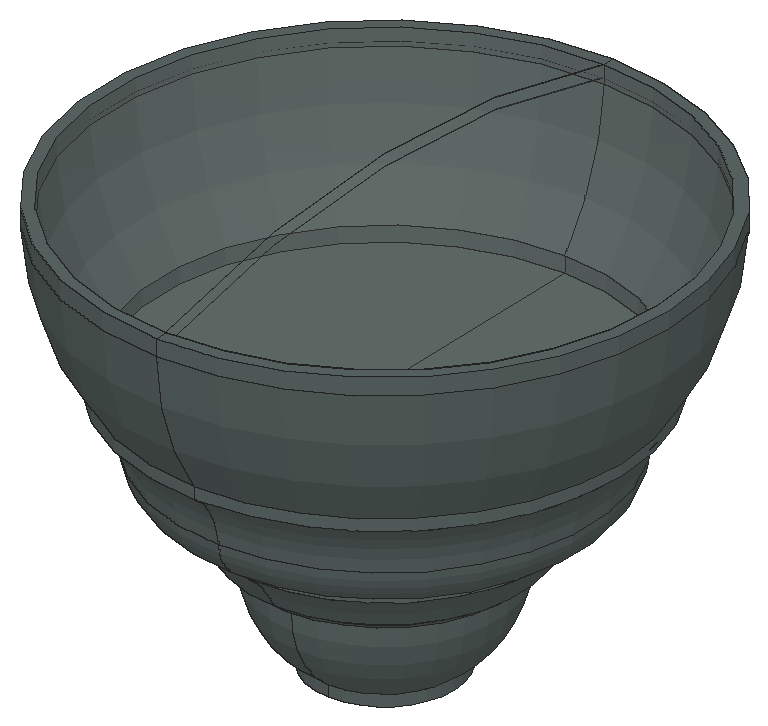
Revit family "PRM2", category Lighting Fixtures, host Face, Revit 2012
Parameters (values of type "PRM2 - MTB")
  Wattage Comments = "150-400W"  # constant formula
  Watt = 295 W
  Voltage [instance] = 120 V
  Is Volt [instance] = Voltage : 120V
  URL = "http://www.aal.net/"
  Photometric Web [instance] = Web PRM2 : PRM2-V3-250MH
  Horizontal Lamp [instance] = not(Vertical Lamp)  # no
  Product Page URL = "http://www.aal.net/products/promenade8482_prm2/"
  Product Documentation Link = "http://cdn.aal.net/content/products/specs/specs_files/aal_prm2_spec.pdf"
  Model = "PRM2"  # constant formula
  Manufacturer Phone = "(626)-968-5666"  # constant formula
  Manufacturer Fax = "(626)-369-2695"  # constant formula
  Manufacturer = "Architectural Area Lighting"  # constant formula
  Load Classification = Lighting
  Lamp = "ED-18, ED-23.5 & ED-28"  # constant formula
  Vertical Lamp [instance] = yes
  Glass = Hubbell-Glass-Frosted
  Finish = Hubbell-Aluminum-Matte Black
  Description = "PROMENADE – PRM2"  # constant formula
  Default Elevation = 48.000"
  Apparent Load = 0 VA
Types (14): name | Photometric Web | Horizontal Lamp | Vertical Lamp | Finish
  (no name) | Web PRM2 : PRM2-V3-250MH | no | yes | Hubbell-Aluminum-Matte Black
  PRM2 - AWT | Web PRM2 : PRM2-H2-250W | no | yes | Hubbell-Aluminum-Artic White
  PRM2 - BLK | Web PRM2 : PRM2-H2-250W | no | yes | Hubbell-Aluminum-Black
  PRM2 - MTB | Web PRM2 : PRM2-V3-250MH | no | yes | Hubbell-Aluminum-Matte Black
  PRM2 - DGN | Web PRM2 : PRM2-H2-250W | no | yes | Hubbell-Aluminum-Dark Green
  PRM2 - DBZ | Web PRM2 : PRM2-H2-250W | yes | no | Hubbell-Aluminum-Dark Bronze
  PRM2 - WRZ | Web PRM2 : PRM2-H2-250W | no | yes | Hubbell-Aluminum-Weathered Bronze
  PRM2 - BRM | Web PRM2 : PRM2-H2-250W | no | yes | Hubbell-Aluminum-Metalic Bronze
  PRM2 - VBL | Web PRM2 : PRM2-H2-250W | no | yes | Hubbell-Aluminum-Verde Blue
  PRM2 - CRT | Web PRM2 : PRM2-H2-250W | no | yes | Hubbell-Aluminum-Corten
  PRM2 - MAL | Web PRM2 : PRM2-V5-250MH | yes | no | Hubbell-Aluminum-Matte
  PRM2 - MDG | Web PRM2 : PRM2-H2-250W | no | yes | Hubbell-Aluminum-Medium Grey
  PRM2 - ATG | Web PRM2 : PRM2-H4-250MH | no | yes | Hubbell-Aluminum-Antique Green
  PRM2 - LGY | Web PRM2 : PRM2-H2-250W | no | yes | Hubbell-Aluminum-Light Grey
Reference planes (in)
  plane 1 "Center (Front/Back)": y = 0
  plane 2: z = 0
  plane 3 "Center (Left/Right)": x = 0
  plane 4: z = 20
  plane 5: y = 12.5
  plane 6: y = -12.5
  plane 7: z = 12
Forms (in)
  Revolve 1, solid, material "Hubbell-Aluminum-Matte Black" <- "Finish"
    sketch origin (0, 0, 0) x (0, 1, 0) y (0, 0, 1)
      loop
        line (0, 0) -> (3.06287, 0) -> (3.06287, 0.5)
        arc (3.06287, 0.5) -> (4.57482, 2.15262) -> (5.09943, 4.33021) r 4.48669
        arc (5.09943, 4.33021) -> (5.39903, 4.41441) -> (5.62175, 4.63177) r 0.62988
        line (5.62175, 4.63177) -> (5.62175, 4.88177) -> (6.02826, 4.88177)
        arc (6.02826, 4.88177) -> (6.61659, 5.77829) -> (7.39733, 6.51337) r 4.57812
        line (7.39733, 6.51337) -> (7.39733, 6.91288) -> (7.80531, 6.91288)
        arc (7.80531, 6.91288) -> (8.71851, 7.58594) -> (9.11379, 8.64929) r 1.98445
        arc (9.11379, 8.64929) -> (9.49346, 9.95803) -> (10.38689, 10.98698) r 3.17427
        line (10.38689, 10.98698) -> (10.38689, 11.48698)
        arc (10.38689, 11.48698) -> (11.89338, 14.33969) -> (12.5, 17.50822) r 10.91294
        line (12.5, 17.50822) -> (12.5, 18.23698) -> (11.99911, 18.23698) -> (11.99911, 17.49779)
        arc (11.99911, 17.49779) -> (11.38918, 14.41425) -> (9.88689, 11.65321) r 10.41294
        line (9.88689, 11.65321) -> (9.88689, 10.98698) -> (0, 10.98698) -> (0, 0)
      axis (0, 18.23698) -> (0, 0)
    angle from 0 to 360
  Revolve 2, solid, material "Hubbell-Glass-Frosted" <- "Glass", visible <- "Horizontal Lamp"
    sketch origin (0, 0, 0) x (0, 1, 0) y (0, 0, 1)
      loop
        line (12, 18.05042) -> (0, 18.05042) -> (0, 17.50822) -> (12, 17.50822) -> (12, 18.05042)
      axis (0, 18.05042) -> (0, 17.50822)
    angle from 0 to 360
  Revolve 3, solid, material "Hubbell-Glass-Frosted" <- "Glass", visible <- "Vertical Lamp"
    sketch origin (0, 0, 0) x (0, 1, 0) y (0, 0, 1)
      loop
        arc (12, 18.23671) -> (6.06443, 19.55682) -> (0, 20) r 41.71443
        line (0, 20) -> (0, 19.5)
        arc (0, 19.5) -> (6.06606, 19.05115) -> (12, 17.71436) r 41.21443
        line (12, 17.71436) -> (12, 18.23671)
      axis (0, 20) -> (0, 17.71436)
    angle from 0 to 360
Dimensions and locks (in)
  locked: plane 4 to plane 2 at 20
  equal spacing: plane 5, plane 1 "Center (Front/Back)", plane 6
  plane 5 to plane 6 = 25.000"
  locked: plane 5 to plane 1 "Center (Front/Back)" at 12.5
  locked: plane 7 to plane 2 at 12
  aligned and locked: plane 2 to host face
  aligned and locked: level to host face
  aligned and locked: plane 1 "Center (Front/Back)" to Revolve 1 sketch curve  (x2)
  aligned and locked: plane 5 to Revolve 1 sketch curve
  aligned and locked: plane 1 "Center (Front/Back)" to Revolve 2 sketch curve  (x2)
  aligned and locked: Revolve 1 to Revolve 2 sketch curve
  aligned and locked: plane 1 "Center (Front/Back)" to Revolve 3 sketch curve
  aligned and locked: plane 1 "Center (Front/Back)" to nested 2
  aligned and locked: plane 3 "Center (Left/Right)" to nested 2
Automatic sketch dimensions
  host sketch curve to host sketch curve = 96.000"  (x2)
  Revolve 1 sketch curve to Revolve 1 sketch curve = 0.000"  (x4)
  Revolve 1 sketch curve to level = 0.000"
  Revolve 1 sketch curve to plane 1 "Center (Front/Back)" = 0.6133"
  Revolve 1 sketch curve to plane 1 "Center (Front/Back)" = 1.59615"
  Revolve 1 sketch curve to Revolve 1 sketch curve = 3.06287"
  Revolve 1 sketch curve to Revolve 1 sketch curve = 4.47079"
  Revolve 1 sketch curve to Revolve 1 sketch curve = 0.01534"
  Revolve 1 sketch curve to Revolve 1 sketch curve = 0.52232"
  Revolve 1 sketch curve to Revolve 1 sketch curve = 0.40651"
  Revolve 1 sketch curve to Revolve 1 sketch curve = 1.1054"
  Revolve 1 sketch curve to Revolve 1 sketch curve = 1.36907"
  Revolve 1 sketch curve to Revolve 1 sketch curve = 0.40798"
  Revolve 1 sketch curve to Revolve 1 sketch curve = 1.98013"
  Revolve 1 sketch curve to Revolve 1 sketch curve = 0.7731"
  plane 5 to Revolve 1 sketch curve = 2.37637"
  Revolve 1 sketch curve to Revolve 1 sketch curve = 0.500"  (x2)
  plane 5 to Revolve 1 sketch curve = 0.50089"
  plane 5 to Revolve 1 sketch curve = 0.21886"
  Revolve 1 sketch curve to level = 7.750"
  level to Revolve 1 sketch curve = 0.500"
  level to Revolve 1 sketch curve = 2.83554"
  level to Revolve 1 sketch curve = 4.25899"
  Revolve 1 sketch curve to Revolve 1 sketch curve = 0.30156"
  Revolve 1 sketch curve to Revolve 1 sketch curve = 0.250"
  Revolve 1 sketch curve to Revolve 1 sketch curve = 0.39952"
  Revolve 1 sketch curve to Revolve 1 sketch curve = 1.52698"
  Revolve 1 sketch curve to Revolve 1 sketch curve = 0.16623"
  Revolve 1 sketch curve to plane 4 = 2.49178"
  Revolve 1 sketch curve to Revolve 1 sketch curve = 0.72876"
  plane 4 to Revolve 1 sketch curve = 12.250"
  plane 5 to Revolve 2 sketch curve = 0.500"
  level to Revolve 2 sketch curve = 3.250"
  Revolve 2 sketch curve to Revolve 2 sketch curve = 0.5422"
  plane 4 to Revolve 2 sketch curve = 5.250"
  Revolve 3 sketch curve to Revolve 3 sketch curve = 0.000"
  Revolve 3 sketch curve to plane 1 "Center (Front/Back)" = 0.000"
  plane 5 to Revolve 3 sketch curve = 0.500"
  Revolve 3 sketch curve to Revolve 3 sketch curve = 5.750"  (x2)
  Revolve 3 sketch curve to plane 4 = 2.28564"
  Revolve 3 sketch curve to Revolve 3 sketch curve = 0.52235"
  plane 4 to Revolve 3 sketch curve = 0.000"
Nested families (in)
  nested 1: "Voltage" at (8.73564, -35.19298, 0), type "120V"
  nested 2: "Web PRM2" at (0.23896, -0.03999, 12), type <- "Photometric Web", type "PRM2-V3-250MH"
Connectors (in)
  electrical at (0, 0, 0), driven by "Voltage", driven by "Apparent Load"
    settings: on host face, index 1, voltage 120 V, apparent load 0 VA, apparent load phase1 0 VA, apparent load phase2 0 VA, apparent load phase3 0 VA, power factor 1, load classification "Lighting", number of poles 1, system type 30, power factor state 1, is connector primary yes, connector utility no, sub classification motor no, connector description "Electrical Connector"
Definition of nested family "Voltage"
  Parameters (values of type "277V")
    277V = yes
    240V = no
    208V = no
    120V = no
  Types (5): name | 277V | 240V | 208V | 120V
    (no name) | yes | no | no | no
    120V | no | no | no | yes
    208V | no | no | yes | no
    240V | no | yes | no | no
    277V | yes | no | no | no
  Reference planes (in)
    plane 1 "Center (Front/Back)": y = 0
    plane 2: z = 0
    plane 3 "Center (Left/Right)": x = 0
  Dimensions and locks (in)
    aligned and locked: plane 2 to level
Definition of nested family "Web PRM2"
  Parameters (values of type "PRM2-V5-250MH")
    Wattage Comments = ""
    Wattage = -0.00288337 W
    built-in parameter 1150110 = 1 (stored number, unit not read)
    URL = ""
    built-in parameter 1114217 = 1 (stored number, unit not read)
    Tilt Angle = -90.00°
    built-in parameter 1150109 = 1 (stored number, unit not read)
    built-in parameter 1150134 = (empty or 0)
    built-in parameter 1150113 = 1 (stored number, unit not read)
    Product Page URL = ""
    Product Documentation Link = ""
    Photometric Web File = "PRM2-V5-250MH.IES"
    Model = ""
    Manufacturer Phone = "(864)-678-1000"
    Manufacturer Fax = "(866)-898-1065"
    Manufacturer = "Hubbell Outdoor Lighting"
    built-in parameter 1150105 = 212.72 (stored number, unit not read)
    Lumens = -0.234274 lm
    built-in parameter 1150115 = 1 (stored number, unit not read)
    built-in parameter 1150137 = (empty or 0)
    built-in parameter 1150139 = (empty or 0)
    built-in parameter 1150112 = 1 (stored number, unit not read)
    built-in parameter 1150114 = 1 (stored number, unit not read)
    Lamp = ""
    built-in parameter 1150132 = 1
    built-in parameter 1150102 = (empty or 0)
    built-in parameter 1150107 = 5100 (stored number, unit not read)
    built-in parameter 1150138 = (empty or 0)
    built-in parameter 1150106 = 2.1272 (stored number, unit not read)
    Emit from Circle Diameter = 20.000"  # constant formula
    Emit Shape Visible in Rendering = no
    built-in parameter 1150104 = 7.5484 (stored number, unit not read)
    Dimming Lamp Color Temperature Shift = (empty or 0)
    Description = ""
    Default Elevation = 48.000"
    Color Filter = 16777215
    built-in parameter 1114218 = 1 (stored number, unit not read)
    built-in parameter 1150133 = 10 (stored number, unit not read)
  Types (6): name | Photometric Web File
    PRM2-H2-250W | "PRM2-H2-250W.IES"
    PRM2-H3-250MH | "PRM2-H3-250MH.IES"
    PRM2-H4-250MH | "PRM2-H4-250MH.IES"
    PRM2-H5-250MH | "PRM2-H5-250MH.IES"
    PRM2-V3-250MH | "PRM2-V3-250MH.IES"
    PRM2-V5-250MH | "PRM2-V5-250MH.IES"
  Reference planes (in)
    plane 1 "Center (Front/Back)": y = 0.03999
    plane 2: z = 0
    plane 3 "Center (Left/Right)": x = -0.23896
  Forms (in)
    Extrusion 1, solid
      sketch origin (0, 0, 0.06357) x (1, 0, 0) y (0, 1, 0)
        loop
          line (-48, 48) -> (-48, -48) -> (48, -48) -> (48, 48) -> (-48, 48)
      from -0.06357 to -6.06357
  Lines and regions (in)
    reference lines
      curve 1: line (-0.23896, 0.03999, 18.11448) -> (-0.23896, 0.03999, -22.88552)
      curve 2: line (-0.23896, 0.03999, 34) -> (-0.23896, 0.03999, -22.88552)
      curve 3: line (-0.23896, 29.03999, 0) -> (-0.23896, -29.96001, 0)
      curve 4: line (-37.23896, 0.03999, 0) -> (40.76104, 0.03999, 0)
  Dimensions and locks (in)
    aligned and locked: plane 2 to Extrusion 1
    aligned and locked: level to Extrusion 1
    aligned and locked: plane 3 "Center (Left/Right)" to imposter light
    aligned and locked: imposter light to plane 1 "Center (Front/Back)"
    aligned and locked: curve 1 to plane 3 "Center (Left/Right)"
    aligned and locked: plane 1 "Center (Front/Back)" to curve 2
    aligned and locked: curve 3 to plane 3 "Center (Left/Right)"
    aligned and locked: plane 1 "Center (Front/Back)" to curve 4
